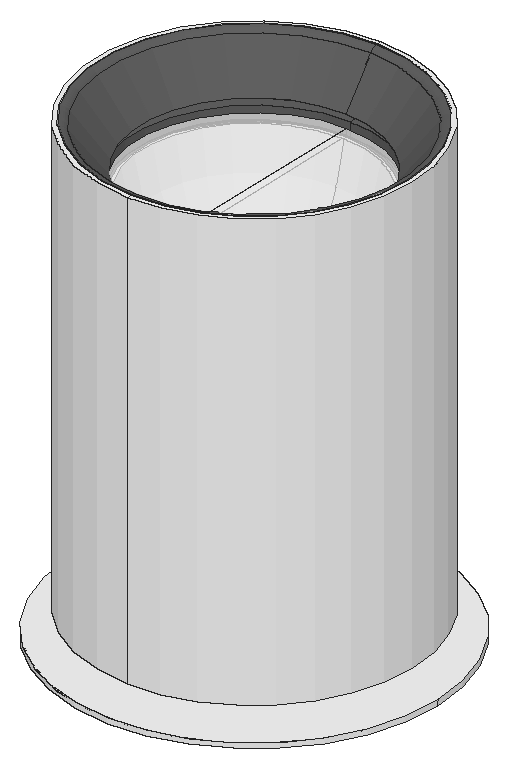
Revit family "Zaniboni-Bongo-3_Inch_Fully_Adj_Surface_Mounted-1", category Lighting Fixtures, host Face, Revit 2016
Family settings
  Host = Face
  Part Type = Normal
  Round Connector Dimension = Use Diameter
  Cut with Voids When Loaded = No
  Light Source = Yes
  Shared = No
  Room Calculation Point = No
Parameters (values of type "S3-BON3J-0927A-2C-WS-Remote")
  Wattage Comments = "9W"
  Wattage = 9.2903 W
  built-in parameter 1150110 = 1 (stored number, unit not read)
  Voltage = 120 V
  URL = "www.zanibonilighting.com"
  Type Comments = "Bongo"  # constant formula
  built-in parameter 1114217 = 1 (stored number, unit not read)
  Tilt Angle = 90.00°
  built-in parameter 1150109 = 1 (stored number, unit not read)
  built-in parameter 1150134 = 3
  built-in parameter 1150113 = 1 (stored number, unit not read)
  Support Finish = ZBN - Metal Matte White
  Screen Finish = ZBN - Glass
  Integrated = Height = 8 5/8"  # no
  Photometric Web File = "generic"
  built-in parameter 1150142 = (empty or 0)
  Model = "S3-BON3J-0927A-2C-WS-Remote"
  Mechanism Finish = ZBN - Metal Matte Black
  Manufacturer = "Zaniboni"  # constant formula
  built-in parameter 1150105 = 109.82 (stored number, unit not read)
  Lumens = 1380 lm
  built-in parameter 1150115 = 1 (stored number, unit not read)
  built-in parameter 1150137 = (empty or 0)
  built-in parameter 1150139 = (empty or 0)
  built-in parameter 1150112 = 1 (stored number, unit not read)
  built-in parameter 1150114 = 1 (stored number, unit not read)
  Keynote = "12500"
  Kelvin = "2700K"
  built-in parameter 1150132 = (empty or 0)
  built-in parameter 1150102 = (empty or 0)
  built-in parameter 1150107 = 3200 (stored number, unit not read)
  built-in parameter 1150138 = (empty or 0)
  built-in parameter 1150106 = 1.0982 (stored number, unit not read)
  Height L = if(Height = 8 5/8", 8 1/8", 5 1/8")  # 5 1/8"
  Height = 5 1/2"
  Front Finish = ZBN - Metal Matte Black
  Emit from Circle Diameter = 24"
  Emit Shape Visible in Rendering = no
  built-in parameter 1150104 = 13.8 (stored number, unit not read)
  Dimming Lamp Color Temperature Shift = <None>
  Diffuser Finish = ZBN - Metal Matte White
  Description = "3 Inch light source Round Fully Adjustable Surface Mounted Monopoint"
  Diameter = 4"
  Default Elevation = 48"
  Integrated Finish = ZBN - Metal Matte White
  Color Filter = 16777215
  CRI = "80"
  Body Finish = ZBN - Metal Matte White
  Beam = "24°"
  Base Finish = ZBN - Metal Matte White
  built-in parameter 1114218 = 1 (stored number, unit not read)
  built-in parameter 1150133 = 10 (stored number, unit not read)
  Assembly Code = "E1020300"
Types (3): name | Integrated | Model | Height L | Height | Description
  (no name) | no | "S3-BON3J-0927A-2C-WS-Remote" | 5 1/8" | 5 1/2" | "3 Inch light source Round Fully Adjustable Surface Mounted Monopoint"
  S3-BON3J-0927A-2C-WS-Remote | no | "S3-BON3J-0927A-2C-WS-Remote" | 5 1/8" | 5 1/2" | "3 Inch light source Round Fully Adjustable Surface Mounted Monopoint"
  S3-BON3J-0927A-2C-WS-Integrated | yes | "S3-BON3J-0927A-2C-WS-Integrated" | 8 1/8" | 8 5/8" | "3 Inch light source Round Fully Adjustable Surface Mounted Monopoint Integrated"
Reference planes (in)
  plane 1 "Center (Front/Back)": y = 0
  plane 2: z = 0
  plane 3 "Center (Left/Right)": x = 0
  plane 4: x = -2
  plane 5: x = 2
  plane 6: y = 2
  plane 7: y = -2
  plane 8: z = 0.06244
  plane 9: z = 0.3125
Forms (in)
  Extrusion 1, solid, material "ZBN - Metal Matte White" <- "Integrated Finish"
    sketch origin (-34.96062, 43.13481, 0) x (1, 0, 0) y (0, 0, 1)
      loop
        line (34.53332, 0.3125) -> (34.53332, 0.06244) -> (35.77312, 0.06244) -> (35.77312, 0.264)
        arc (35.77312, 0.264) -> (35.7842, 0.29523) -> (35.81249, 0.3125) r 0.04956
        line (35.81249, 0.3125) -> (34.53332, 0.3125)
    from 42.82231 to 43.44731
  Extrusion 2, solid, material "ZBN - Metal Matte White" <- "Base Finish"
    sketch origin (0, 0, 0) x (1, 0, 0) y (0, 1, 0)
      loop
        circle (0, 0) r 2.3125
    from 0 to 0.06244
Lines and regions (in)
  symbolic lines
    curve 1: arc (2.3125, 0, 0) -> (0, 2.3125, 0) -> (-2.3125, 0, 0) r 2.3125
    curve 2: arc (-2.3125, 0, 0) -> (0, -2.3125, 0) -> (2.3125, 0, 0) r 2.3125
Dimensions and locks (in)
  equal spacing: plane 4, plane 3 "Center (Left/Right)", plane 5
  "Diameter": plane 4 to plane 5
  equal spacing: plane 6, plane 1 "Center (Front/Back)", plane 7
  "Diameter": plane 6 to plane 7
  "Height L": imposter light to plane 2
  plane 2 to plane 8 to plane 9 = 0.06244" locked, 0.25006" locked
  locked: Extrusion 1 sketch curve to plane 8 at 0.20155
  Extrusion 1 sketch curve to Extrusion 1 sketch curve to plane 3 "Center (Left/Right)" to Extrusion 1 sketch curve = 0.04956" locked, 13/16" locked, 0.4273" locked
  "Height": plane 9 to nested 1
  aligned and locked: plane 2 to host face
  aligned and locked: level to host face
  aligned and locked: imposter light to plane 1 "Center (Front/Back)"
  aligned and locked: plane 3 "Center (Left/Right)" to imposter light
  aligned and locked: Extrusion 2 to plane 8
  aligned and locked: Extrusion 2 to plane 2
  aligned and locked: plane 9 to Extrusion 1 sketch curve
  aligned and locked: plane 8 to Extrusion 1 sketch curve
  aligned and locked: curve 1 to Extrusion 2
  aligned and locked: curve 2 to Extrusion 2
  aligned and locked: plane 3 "Center (Left/Right)" to nested 1
  aligned and locked: plane 1 "Center (Front/Back)" to nested 1
Automatic sketch dimensions
  host sketch curve to host sketch curve = 11.23654"
  host sketch curve to host sketch curve = 12.1816"
  plane 1 "Center (Front/Back)" to Extrusion 2 sketch curve = 0"
  Extrusion 2 sketch curve to plane 3 "Center (Left/Right)" = 0"
  radius of Extrusion 2 sketch curve = 2 5/16"
Nested families (in)
  nested 1: "3J" at (0, 0, -2.10976), Remote <- "Integrated", Body Finish <- "Body Finish", Diffuser Finish <- "Diffuser Finish", Front Finish <- "Front Finish", Mechanism Finish <- "Mechanism Finish", Remote Finish <- "Integrated Finish", Screen Finish <- "Screen Finish", type "3J"
    with Screen Finish ZBN - Glass, Remote Finish ZBN - Metal Matte White, Remote no, Mechanism Finish ZBN - Metal Matte Black, Front Finish ZBN - Metal Matte Black, Diffuser Finish ZBN - Metal Matte White, Body Finish ZBN - Metal Matte White
Connectors (in)
  electrical at (0, 0, 0), driven by "Voltage"
    settings: on Extrusion 2, index 1, voltage 120 V, apparent load 0 VA, apparent load phase1 0 VA, apparent load phase2 0 VA, apparent load phase3 0 VA, power factor 1, load classification "Other", number of poles 1, system type 31, power factor state 1, is connector primary yes, connector utility no, sub classification motor no, connector description ""
Definition of nested family "3J"
  Parameters (values of type "3J")
    Screen Finish [instance] = none
    Remote Finish [instance] = none
    Remote [instance] = yes
    Mechanism Finish [instance] = none
    Front Finish [instance] = none
    Diffuser Finish [instance] = none
    Body Finish [instance] = none
  Reference planes (in)
    plane 1 "Center (Front/Back)": y = 0
    plane 2: z = -0.70082
    plane 3 "Center (Left/Right)": x = 0
    plane 4: x = -2
    plane 5: y = -2
    plane 6: y = 2
    plane 7: z = 2.25
    plane 8: z = 2.42225
    plane 9: z = 7.92226
    plane 10: z = 6.86125
    plane 11: x = 2
  Forms (in)
    Revolve 1, solid, material <- "Front Finish"
      sketch origin (0, 0, 0.50089) x (0, 1, 0) y (0, 0, 1)
        loop
          line (-1.9397, 7.42138) -> (-1.9397, 7.24813) -> (-1.83616, 7.24813) -> (-1.83616, 6.43386) -> (-1.54498, 6.116) -> (-1.51353, 6.116) -> (-1.51353, 6.73388) -> (-1.66343, 6.73388) -> (-1.66343, 6.85888) -> (-1.43914, 6.85888) -> (-1.83702, 7.36814)
          arc (-1.83702, 7.36814) -> (-1.88256, 7.40595) -> (-1.9397, 7.42138) r 0.13894
        axis (0, 7.42138) -> (0, 6.116)
      angle from 0 to 360
    Revolve 2, solid, material <- "Mechanism Finish"
      sketch origin (0, 0, 0.50089) x (0, 1, 0) y (0, 0, 1)
        loop
          arc (-1.47581, 3.32125) -> (-1.38464, 3.10114) -> (-1.16453, 3.00997) r 0.31129
          line (-1.16453, 3.00997) -> (0, 3.00997) -> (0, 4.70288) -> (-1.40791, 4.70288) -> (-1.40791, 6.56532) -> (-1.51582, 6.56532) -> (-1.51582, 4.46666) -> (-1.47581, 4.46666) -> (-1.47581, 3.32125)
        axis (0, 6.56532) -> (0, 3.00997)
      angle from 0 to 360
    Revolve 3, solid, material <- "Body Finish"
      sketch origin (0, 0, 0.78337) x (0, 1, 0) y (0, 0, 1)
        loop
          line (-2, 7.1389) -> (-2, 1.63888) -> (0, 1.63888) -> (0, 1.70138) -> (-1.88349, 1.70138) -> (-1.88349, 6.96565) -> (-1.94603, 6.96565) -> (-1.94603, 7.1389) -> (-2, 7.1389)
        axis (0, 7.1389) -> (0, 1.63888)
      angle from 0 to 360
    Revolve 4, solid, material <- "Screen Finish"
      sketch origin (0, 0, 0.50089) x (0, 1, 0) y (0, 0, 1)
        loop
          line (0, 6.59264) -> (0, 6.67919) -> (-1.46469, 6.67919) -> (-1.46469, 6.59264) -> (0, 6.59264)
        axis (0, 6.67919) -> (0, 6.59264)
      angle from 0 to 360
    Revolve 5, solid, material <- "Remote Finish", visible <- "Remote"
      sketch origin (0, 0, 0.45658) x (0, 1, 0) y (0, 0, 1)
        loop
          line (-1.63708, 1.96567) -> (-1.63708, 1.79342) -> (0, 1.79342) -> (0, 1.96567) -> (-1.63708, 1.96567)
        axis (0, 1.96567) -> (0, 1.79342)
      angle from 0 to 360
    Revolve 6, solid, material <- "Remote Finish", visible <- "Remote"
      sketch origin (0, 0, -0.70082) x (0, 1, 0) y (0, 0, 1)
        loop
          line (-2, 0) -> (0, 0) -> (0, 2.95082) -> (-2, 2.95082) -> (-2, 0)
        axis (0, 2.95082) -> (0, 0)
      angle from 0 to 360
    Revolve 7, solid, material <- "Diffuser Finish"
      sketch origin (0, 0, 0.78337) x (0, 1, 0) y (0, 0, 1)
        loop
          arc (-0.39934, 4.60098) -> (-1.07716, 5.35262) -> (-1.40506, 6.31015) r 2.52307
          line (-1.40506, 6.31015) -> (-1.43656, 6.31015)
          arc (-1.43656, 6.31015) -> (-1.09501, 5.32146) -> (-0.3858, 4.55257) r 2.55432
          line (-0.3858, 4.55257) -> (0, 4.55257) -> (0, 4.58382) -> (-0.34712, 4.58382)
          arc (-0.34712, 4.58382) -> (-0.3746, 4.58822) -> (-0.39934, 4.60098) r 0.08804
        axis (0, 6.31015) -> (0, 4.55257)
      angle from 0 to 360
  Lines and regions (in)
    symbolic lines, detail levels fine
      curve 1: circle (0, 0, 0) r 2 normal (0, 0, 1)
      curve 2: circle (0, 0, 0) r 1.94603 normal (0, 0, 1)
  Dimensions and locks (in)
    aligned and locked: Revolve 6 to plane 2
    aligned and locked: plane 7 to Revolve 6
    aligned and locked: plane 7 to Revolve 5
    aligned and locked: plane 8 to Revolve 5
